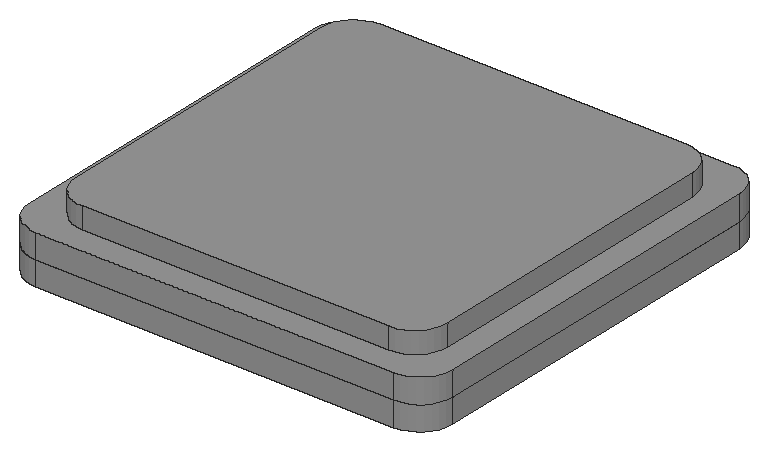
Revit family "FMS2_63_UN_Surface-mounted_ETK", category Lighting Fixtures, Revit 2019 (continued)
Definition of nested family "FMS.2 - Lightsource"
  Types (14, lengths in mm): name | Wattage Comments | Wattage | built-in parameter 1150134 | Photometric Web File | built-in parameter 1150142 | built-in parameter 1150105 | Lumens | built-in parameter 1150107 | built-in parameter 1150106 | Apparent Load
    FMS.1110.10N - Ø270 / 18W / 1120lm / 4000K | "18W" | 7.53996 W | 12 | "FMS.1110.10N.IES" | "IESNA:LM-63-2002\r\n[TEST] /2016\r\n[TESTLAB] ies2eulumdat.appspot.com\r\n[ISSUEDATE] 2021-10-05T13:44:41.109\r\n[MANUFAC] www.etk.nl\r\n[LUMCAT] FMS.1110.10N\r\n[LUMINAIRE] FMS.1 LED 18W 4000K 1120lm nood ø270 Ledeshi Slice circle III emergency\r\n[LAMPCAT] LED\r\n[LAMP] LED\r\nTILT=NONE\r\n1\t1381\t1\t181\t72\t1\t2\t-0.270\t-0.270\t0\r\n1.0\t1.0\t15.30\r\n0\t 0.5\t 1\t 1.5\t 2\t 2.5\t 3\t 3.5\t 4\t 4.5\r\n5\t 5.5\t 6\t 6.5\t 7\t 7.5\t 8\t 8.5\t 9\t 9.5\r\n10\t 10.5\t 11\t 11.5\t 12\t 12.5\t 13\t 13.5\t 14\t 14.5\r\n15\t 15.5\t 16\t 16.5\t 17\t 17.5\t 18\t 18.5\t 19\t 19.5\r\n20\t 20.5\t 21\t 21.5\t 22\t 22.5\t 23\t 23.5\t 24\t 24.5\r\n25\t 25.5\t 26\t 26.5\t 27\t 27.5\t 28\t 28.5\t 29\t 29.5\r\n30\t 30.5\t 31\t 31.5\t 32\t 32.5\t 33\t 33.5\t 34\t 34.5\r\n35\t 35.5\t 36\t 36.5\t 37\t 37.5\t 38\t 38.5\t 39\t 39.5\r\n40\t 40.5\t 41\t 41.5\t 42\t 42.5\t 43\t 43.5\t 44\t 44.5\r\n45\t 45.5\t 46\t 46.5\t 47\t 47.5\t 48\t 48.5\t 49\t 49.5\r\n50\t 50.5\t 51\t 51.5\t 52\t 52.5\t 53\t 53.5\t 54\t 54.5\r\n55\t 55.5\t 56\t 56.5\t 57\t 57.5\t 58\t 58.5\t 59\t 59.5\r\n60\t 60.5\t 61\t 61.5\t 62\t 62.5\t 63\t 63.5\t 64\t 64.5\r\n65\t 65.5\t 66\t 66.5\t 67\t 67.5\t 68\t 68.5\t 69\t 69.5\r\n70\t 70.5\t 71\t 71.5\t 72\t 72.5\t 73\t 73.5\t 74\t 74.5\r\n75\t 75.5\t 76\t 76.5\t 77\t 77.5\t 78\t 78.5\t 79\t 79.5\r\n80\t 80.5\t 81\t 81.5\t 82\t 82.5\t 83\t 83.5\t 84\t 84.5\r\n85\t 85.5\t 86\t 86.5\t 87\t 87.5\t 88\t 88.5\t 89\t 89.5\r\n90\r\n0\t 5\t 10\t 15\t 20\t 25\t 30\t 35\t 40\t 45\r\n50\t 55\t 60\t 65\t 70\t 75\t 80\t 85\t 90\t 95\r\n100\t 105\t 110\t 115\t 120\t 125\t 130\t 135\t 140\t 145\r\n150\t 155\t 160\t 165\t 170\t 175\t 180\t 185\t 190\t 195\r\n200\t 205\t 210\t 215\t 220\t 225\t 230\t 235\t 240\t 245\r\n250\t 255\t 260\t 265\t 270\t 275\t 280\t 285\t 290\t 295\r\n300\t 305\t 310\t 315\t 320\t 325\t 330\t 335\t 340\t 345\r\n350\t 355\r\n502.9602\t502.2697\t501.5792\t501.303\t500.8887\t500.3363\t499.6458\t499.2315\t498.6791\t497.8505\r\n497.16\t496.3314\t495.5028\t494.5361\t493.5694\t492.4646\t491.2217\t490.255\t489.2883\t488.0454\r\n486.8025\t485.4215\t484.0405\t482.6595\t481.2785\t479.7594\t478.2403\t476.5831\t475.064\t473.4068\r\n471.7496\t469.8162\t468.0209\t466.0875\t464.1541\t462.2207\t460.1492\t458.0777\t456.0062\t453.9347\r\n451.7251\t449.6536\t447.5821\t445.2344\t442.7486\t440.2628\t437.777\t435.4293\t433.0816\t430.4577\r\n427.8338\t425.348\t422.8622\t420.2383\t417.4763\t414.5762\t411.8142\t409.0522\t406.2902\t403.5282\r\n400.7662\t397.728\t394.5517\t391.6516\t388.7515\t385.7133\t382.8132\t379.6369\t376.4606\t373.4224\r\n370.2461\t367.2079\t364.1697\t360.7172\t357.4028\t354.0884\t350.774\t347.5977\t344.4214\t340.8308\r\n337.3783\t333.9258\t330.4733\t327.1589\t323.8445\t320.392\t316.9395\t313.2108\t309.6202\t306.1677\r\n302.7152\t298.9865\t295.2578\t291.6672\t288.0766\t284.486\t280.8954\t277.1667\t273.2999\t269.7093\r\n265.9806\t262.2519\t258.5232\t254.7945\t250.9277\t247.3371\t243.7465\t239.8797\t236.0129\t232.008\r\n228.0031\t224.4125\t220.8219\t216.9551\t213.2264\t209.0834\t205.0785\t201.2117\t197.3449\t193.4781\r\n189.6113\t185.4683\t181.4634\t177.7347\t173.8679\t170.0011\t165.9962\t161.9913\t157.8483\t153.9815\r\n150.2528\t146.5241\t142.7954\t138.7905\t134.7718\t130.6978\t126.6239\t122.9366\t119.2355\t115.3687\r\n111.5019\t107.8285\t104.1412\t100.4125\t96.6976\t92.9551\t89.2264\t85.4839\t81.7552\t78.3027\r\n74.864\t71.5496\t68.2352\t64.9761\t61.7031\t58.5544\t55.4057\t52.4228\t49.4398\t46.5397\r\n43.6534\t40.7395\t37.8256\t35.1741\t32.5226\t30.0229\t27.5371\t25.2861\t23.0351\t21.0741\r\n19.113\t16.061\t13.0118\t10.1559\t7.3013\t6.7545\t6.209\t5.8775\t5.5461\t5.3141\r\n5.0821\r\n502.9602\t502.2697\t501.4411\t501.0268\t500.6125\t499.922\t499.2315\t498.6791\t497.9886\t497.16\r\n496.3314\t495.5028\t494.5361\t493.5694\t492.6027\t491.3598\t490.1169\t489.0121\t487.9073\t486.6644\r\n485.4215\t483.9024\t482.5214\t481.0023\t479.4832\t477.9641\t476.3069\t474.6497\t472.9925\t471.3353\r\n469.6781\t467.7447\t465.6732\t463.7398\t461.8064\t459.873\t457.8015\t455.5919\t453.5204\t451.3108\r\n449.1012\t446.8916\t444.8201\t442.3343\t439.9866\t437.3627\t434.8769\t432.3911\t430.0434\t427.4195\r\n424.7956\t422.1717\t419.6859\t416.9239\t414.3\t411.3999\t408.4998\t405.7378\t402.8377\t400.0757\r\n397.3137\t394.2755\t391.0992\t388.061\t385.1609\t382.1227\t379.2226\t376.0463\t372.87\t369.6937\r\n366.6555\t363.4792\t360.3029\t356.9885\t353.6741\t350.3597\t347.0453\t343.7309\t340.4165\t337.1021\r\n333.6496\t330.1971\t326.7446\t323.2921\t319.8396\t316.5252\t313.0727\t309.4821\t305.8915\t302.3009\r\n298.8484\t295.2578\t291.5291\t287.9385\t284.3479\t280.7573\t277.1667\t273.438\t269.7093\t266.1187\r\n262.39\t258.6613\t254.9326\t251.2039\t247.4752\t243.7465\t240.0178\t236.2891\t232.5604\t228.6936\r\n224.8268\t220.96\t217.2313\t213.5026\t209.7739\t205.9071\t202.0403\t198.0354\t194.3067\t190.4399\r\n186.5731\t182.7063\t178.7014\t174.8346\t170.9678\t167.2391\t163.3723\t159.5055\t155.6387\t151.7719\r\n147.9051\t144.1764\t140.4477\t136.6776\t132.8798\t129.0821\t125.2429\t121.4037\t117.7441\t114.0982\r\n110.3833\t106.6684\t103.0778\t99.5425\t96.0485\t92.4027\t88.7983\t85.2353\t81.7276\t78.2751\r\n74.864\t71.522\t68.2352\t65.0451\t61.8964\t58.803\t55.7648\t52.9061\t50.1027\t47.1611\r\n44.2334\t41.2505\t38.1985\t34.9945\t31.3763\t27.8824\t24.7061\t21.7093\t19.0026\t16.572\r\n14.3348\t12.824\t11.5037\t10.3175\t9.319\t8.5871\t8.0858\t7.7612\t2.0356\t0\r\n0\r\n502.9602\t502.1316\t501.303\t500.8887\t500.3363\t499.6458\t498.8172\t498.1267\t497.4362\t496.6076\r\n495.6409\t494.8123\t493.8456\t492.7408\t491.636\t490.3931\t489.1502\t487.9073\t486.8025\t485.4215\r\n484.1786\t482.6595\t481.1404\t479.6213\t478.1022\t476.445\t474.7878\t473.1306\t471.3353\t469.6781\r\n467.8828\t465.9494\t464.016\t461.9445\t460.0111\t457.9396\t455.8681\t453.7966\t451.587\t449.3774\r\n447.1678\t444.9582\t442.7486\t440.4009\t437.9151\t435.4293\t432.9435\t430.3196\t427.8338\t425.348\r\n422.7241\t420.1002\t417.4763\t414.8524\t412.2285\t409.4665\t406.5664\t403.6663\t400.9043\t398.0042\r\n395.2422\t392.3421\t389.3039\t386.1276\t383.2275\t380.3274\t377.2892\t374.251\t371.0747\t367.8984\r\n364.7221\t361.6839\t358.5076\t355.3313\t352.0169\t348.7025\t345.3881\t342.2118\t338.8974\t335.583\r\n332.2686\t328.8161\t325.5017\t322.0492\t318.5967\t315.2823\t311.8298\t308.3773\t305.0629\t301.4723\r\n298.0198\t294.4292\t290.8386\t287.3861\t283.9336\t280.343\t276.7524\t273.2999\t269.7093\t266.1187\r\n262.5281\t258.7994\t255.2088\t251.6182\t247.8895\t244.2989\t240.5702\t236.9796\t233.2509\t229.6603\r\n225.9316\t222.2029\t218.6123\t214.8836\t211.1549\t207.2881\t203.4213\t199.4164\t195.4115\t191.4066\r\n187.5398\t183.673\t179.6681\t175.6632\t171.6583\t167.6534\t163.7866\t159.9198\t156.1911\t152.3243\r\n148.4575\t144.5907\t140.7239\t137.0366\t133.3494\t129.6897\t126.0439\t122.3428\t118.6555\t115.0235\r\n111.4467\t107.9666\t104.5831\t101.2135\t97.7334\t94.2809\t90.8698\t87.3344\t83.7715\t80.3742\r\n77.0322\t73.8145\t70.652\t67.5723\t64.5618\t61.6064\t58.6925\t55.8338\t52.9752\t50.0613\r\n47.175\t43.971\t40.7119\t37.577\t34.5664\t31.6939\t28.9596\t26.3771\t23.9742\t21.806\r\n19.8588\t18.0359\t16.3372\t14.7353\t13.2245\t10.0371\t3.3061\t0\t0\t0\r\n0\r\n502.9602\t502.1316\t501.1649\t500.6125\t500.0601\t499.2315\t498.4029\t497.7124\t496.8838\t496.0552\r\n495.0885\t494.1218\t493.017\t491.9122\t490.8074\t489.5645\t488.1835\t486.9406\t485.6977\t484.4548\r\n483.0738\t481.6928\t480.0356\t478.5165\t476.8593\t475.3402\t473.683\t471.8877\t470.0924\t468.4352\r\n466.6399\t464.8446\t462.7731\t460.7016\t458.7682\t456.6967\t454.6252\t452.5537\t450.3441\t448.1345\r\n445.9249\t443.7153\t441.3676\t439.158\t436.8103\t434.3245\t431.8387\t429.3529\t426.729\t424.2432\r\n421.7574\t419.1335\t416.5096\t413.8857\t411.2618\t408.4998\t405.7378\t402.9758\t400.0757\t397.3137\r\n394.5517\t391.6516\t388.8896\t385.8514\t382.8132\t379.775\t377.013\t373.9748\t370.9366\t367.8984\r\n364.7221\t361.6839\t358.6457\t355.4694\t352.2931\t349.1168\t345.9405\t342.7642\t339.5879\t336.2735\r\n333.0972\t329.7828\t326.4684\t323.154\t319.9777\t316.6633\t313.3489\t309.8964\t306.582\t303.2676\r\n299.9532\t296.6388\t293.1863\t289.3195\t285.4527\t281.8621\t278.1334\t274.4047\t270.5379\t266.8092\r\n263.0805\t259.3518\t255.485\t251.6182\t247.8895\t244.0227\t240.294\t236.4272\t232.6985\t228.8317\r\n225.103\t221.2362\t217.5075\t213.7788\t209.912\t206.0452\t202.1784\t198.5878\t194.8591\t191.2685\r\n187.5398\t183.8111\t179.9443\t176.2156\t172.625\t168.8963\t165.3057\t161.7151\t157.9864\t154.3958\r\n150.8052\t147.3527\t143.7621\t139.8953\t135.9871\t132.0512\t128.0877\t124.1657\t120.5475\t116.9431\r\n113.3525\t109.7757\t106.2265\t102.6912\t99.1972\t95.7862\t92.4441\t89.1574\t85.9534\t82.8186\r\n79.7389\t76.6731\t73.4968\t70.3896\t67.3928\t64.4651\t61.6202\t58.803\t56.0134\t53.2652\r\n50.5722\t47.8516\t45.1587\t42.4934\t39.7866\t37.1075\t34.5112\t31.984\t29.512\t27.109\r\n24.7751\t22.4965\t20.2869\t13.1457\t5.7187\t0\t0\t0\t0\t0\r\n0\r\n502.9602\t501.9935\t501.1649\t500.4744\t499.7839\t498.9553\t498.1267\t497.2981\t496.4695\t495.5028\r\n494.5361\t493.5694\t492.4646\t491.3598\t490.1169\t488.874\t487.493\t486.112\t484.8691\t483.6262\r\n482.2452\t480.7261\t479.207\t477.5498\t476.0307\t474.5116\t472.8544\t471.0591\t469.2638\t467.4685\r\n465.6732\t463.8779\t462.0826\t460.0111\t457.9396\t455.8681\t453.9347\t451.8632\t449.6536\t447.444\r\n445.2344\t443.0248\t440.8152\t438.6056\t436.2579\t433.9102\t431.5625\t429.2148\t426.5909\t424.1051\r\n421.6193\t419.1335\t416.5096\t414.0238\t411.3999\t408.776\t406.1521\t403.3901\t400.6281\t397.8661\r\n395.1041\t392.3421\t389.5801\t386.8181\t384.0561\t381.0179\t378.1178\t375.2177\t372.3176\t369.5556\r\n366.5174\t363.4792\t360.441\t357.4028\t354.3646\t351.4645\t348.2882\t344.8357\t341.2451\t337.7926\r\n334.202\t330.6114\t327.1589\t323.5683\t319.9777\t316.3871\t312.7965\t309.2059\t305.6153\t302.0247\r\n298.296\t294.7054\t291.1148\t287.5242\t283.9336\t280.343\t276.6143\t273.0237\t269.4331\t265.8425\r\n262.2519\t258.5232\t254.9326\t251.342\t247.8895\t244.1608\t240.5702\t236.9796\t233.2509\t229.6603\r\n226.0697\t222.6172\t219.0266\t215.436\t211.8454\t208.3929\t204.9404\t201.4879\t197.8973\t194.1686\r\n190.0256\t185.8826\t181.8777\t178.149\t174.2822\t170.4154\t166.5486\t162.5437\t158.6769\t154.8101\r\n151.0814\t147.3527\t143.624\t139.8953\t136.2495\t132.5898\t128.944\t125.3396\t121.8594\t118.4207\r\n115.0235\t111.6262\t108.2704\t104.7765\t101.2825\t97.83\t94.4328\t91.0908\t87.804\t84.5586\r\n81.3961\t78.2889\t75.2507\t72.2539\t69.2986\t66.3985\t63.5398\t60.7226\t57.9468\t55.24\r\n52.5885\t49.9922\t47.4512\t44.9654\t42.5072\t40.0628\t37.6599\t35.2846\t32.8678\t30.4787\r\n25.3414\t17.1382\t8.953\t0.7955\t0\t0\t0\t0\t0\t0\r\n0\r\n502.9602\t501.9935\t501.0268\t500.1982\t499.5077\t498.6791\t497.7124\t496.8838\t496.0552\t495.0885\r\n494.1218\t493.017\t491.9122\t490.8074\t489.5645\t488.3216\t486.9406\t485.5596\t484.1786\t482.9357\r\n481.5547\t480.1737\t478.6546\t476.9974\t475.4783\t473.8211\t472.1639\t470.5067\t468.7114\t466.9161\r\n465.1208\t463.3255\t461.5302\t459.7349\t457.6634\t455.5919\t453.6585\t451.587\t449.6536\t447.444\r\n445.3725\t443.1629\t440.8152\t438.7437\t436.5341\t434.1864\t431.9768\t429.6291\t427.2814\t424.9337\r\n422.4479\t419.9621\t417.4763\t414.9905\t412.5047\t410.157\t407.5331\t404.9092\t402.2853\t399.6614\r\n397.0375\t394.2755\t391.6516\t388.8896\t386.2657\t383.3656\t380.0512\t376.7368\t373.4224\t369.9699\r\n366.6555\t363.3411\t360.0267\t356.5742\t353.1217\t349.6692\t346.3548\t342.9023\t339.5879\t336.1354\r\n332.5448\t329.0923\t325.6398\t322.3254\t318.8729\t315.4204\t311.9679\t308.5154\t305.0629\t301.6104\r\n298.1579\t294.7054\t291.2529\t287.8004\t284.3479\t280.8954\t277.4429\t273.9904\t270.5379\t267.0854\r\n263.6329\t260.1804\t256.866\t253.4135\t249.961\t246.5085\t243.056\t239.7416\t236.151\t232.1461\r\n228.2793\t224.2744\t220.2695\t216.4027\t212.3978\t208.531\t204.6642\t200.7974\t197.0687\t193.2019\r\n189.3351\t185.4683\t181.7396\t178.149\t174.4203\t170.6916\t166.9629\t163.2342\t159.5055\t155.9149\r\n152.3243\t148.8718\t145.2812\t141.8287\t138.3762\t134.6199\t130.905\t127.2453\t123.6133\t119.9951\r\n116.3907\t112.8277\t109.3062\t105.8537\t102.4426\t99.0729\t95.7447\t92.4303\t89.1712\t85.9396\r\n82.7633\t79.6423\t76.5626\t73.5383\t70.5967\t67.7242\t64.8794\t62.0621\t59.2863\t56.5243\r\n53.79\t51.0832\t48.404\t45.7663\t43.1562\t40.56\t38.0051\t35.4641\t27.8824\t19.8588\r\n11.8435\t3.8226\t0\t0\t0\t0\t0\t0\t0\t0\r\n0\r\n502.9602\t501.9935\t500.8887\t500.0601\t499.3696\t498.4029\t497.5743\t496.6076\t495.6409\t494.6742\r\n493.7075\t492.6027\t491.4979\t490.255\t489.1502\t487.7692\t486.5263\t485.1453\t483.7643\t482.3833\r\n481.0023\t479.6213\t478.2403\t476.7212\t475.064\t473.5449\t471.8877\t470.2305\t468.7114\t466.9161\r\n465.1208\t463.3255\t461.3921\t459.5968\t457.8015\t456.0062\t453.9347\t451.8632\t449.9298\t447.9964\r\n445.9249\t443.8534\t441.6438\t439.4342\t437.3627\t435.1531\t433.0816\t430.872\t428.5243\t426.1766\r\n423.967\t421.7574\t419.4097\t416.9239\t414.5762\t412.0904\t409.6046\t406.8426\t403.9425\t400.7662\r\n397.4518\t394.2755\t391.0992\t387.9229\t384.7466\t381.5703\t378.2559\t375.0796\t371.9033\t368.727\r\n365.4126\t362.2363\t358.7838\t355.4694\t352.2931\t349.1168\t345.8024\t342.3499\t339.0355\t335.7211\r\n332.5448\t329.2304\t325.916\t322.6016\t319.2872\t315.9728\t312.6584\t309.344\t306.0296\t302.7152\r\n299.4008\t296.2245\t292.9101\t289.7338\t286.4194\t283.105\t279.9287\t276.6143\t273.2999\t269.5712\r\n265.7044\t261.9757\t257.9708\t254.104\t250.2372\t246.3704\t242.5036\t238.7749\t234.9081\t231.1794\r\n227.3126\t223.5839\t219.7171\t215.9884\t212.2597\t208.531\t204.9404\t201.2117\t197.6211\t193.8924\r\n190.3018\t186.5731\t182.9825\t179.3919\t175.8013\t172.2107\t168.7582\t165.1676\t161.4389\t157.5721\r\n153.7053\t149.9766\t146.2479\t142.6573\t139.0667\t135.4485\t131.8303\t128.2535\t124.7043\t121.1689\r\n117.6612\t114.1949\t110.7424\t107.3866\t104.0722\t100.7854\t97.54\t94.2532\t90.9527\t87.6797\r\n84.462\t81.2719\t78.1232\t75.0159\t71.9501\t68.9119\t65.9151\t62.9598\t60.0459\t57.1596\r\n54.3009\t51.4561\t48.6526\t45.8492\t43.0872\t38.9718\t31.0587\t23.1318\t15.2186\t7.3069\r\n0\t0\t0\t0\t0\t0\t0\t0\t0\t0\r\n0\r\n502.9602\t501.8554\t500.8887\t499.922\t499.0934\t498.2648\t497.2981\t496.3314\t495.3647\t494.398\r\n493.2932\t492.1884\t491.0836\t489.9788\t488.7359\t487.493\t486.2501\t484.8691\t483.4881\t482.1071\r\n480.7261\t479.3451\t477.9641\t476.5831\t475.064\t473.5449\t471.8877\t470.2305\t468.5733\t467.0542\r\n465.397\t463.6017\t461.8064\t460.0111\t458.2158\t456.4205\t454.6252\t452.8299\t450.7584\t448.6869\r\n446.7535\t444.9582\t443.0248\t440.9533\t438.8818\t436.6722\t434.6007\t432.3911\t430.4577\t428.3862\r\n426.1766\t423.1384\t420.2383\t417.3382\t414.4381\t411.3999\t408.3617\t405.3235\t402.2853\t399.109\r\n396.0708\t393.1707\t390.2706\t387.0943\t383.918\t380.7417\t377.5654\t374.5272\t371.3509\t368.1746\r\n365.1364\t361.9601\t358.9219\t355.7456\t352.7074\t349.5311\t346.3548\t343.1785\t339.8641\t336.8259\r\n333.6496\t330.4733\t327.297\t323.9826\t320.9444\t317.7681\t314.7299\t311.5536\t308.3773\t305.201\r\n302.0247\t298.4341\t294.7054\t290.9767\t287.1099\t283.3812\t279.6525\t275.7857\t272.057\t268.4664\r\n264.7377\t261.009\t257.2803\t253.5516\t249.8229\t246.0942\t242.3655\t238.7749\t235.0462\t231.4556\r\n227.865\t224.1363\t220.5457\t216.9551\t213.3645\t209.7739\t206.1833\t202.7308\t199.1402\t195.5496\r\n192.0971\t188.3684\t184.5016\t180.6348\t176.768\t173.0393\t169.1725\t165.4438\t161.7151\t158.1245\r\n154.3958\t150.8052\t147.0765\t143.4859\t139.8953\t136.3047\t132.7417\t129.2064\t125.6986\t122.2185\r\n118.766\t115.3273\t111.9162\t108.5328\t105.1632\t101.8211\t98.5067\t95.2061\t91.947\t88.7154\r\n85.4977\t82.3076\t79.1451\t75.9826\t72.8616\t69.7405\t66.6333\t63.5536\t60.4878\t57.4358\r\n54.3976\t51.387\t48.3902\t43.0596\t35.1465\t27.2471\t19.3478\t11.4471\t3.5519\t0\r\n0\t0\t0\t0\t0\t0\t0\t0\t0\t0\r\n0\r\n502.9602\t501.8554\t500.7506\t499.7839\t498.9553\t498.1267\t497.16\t496.0552\t495.0885\t494.1218\r\n493.017\t492.0503\t490.8074\t489.7026\t488.4597\t487.2168\t485.9739\t484.731\t483.35\t482.1071\r\n480.7261\t479.3451\t477.9641\t476.445\t475.064\t473.683\t472.1639\t470.5067\t468.9876\t467.3304\r\n465.8113\t464.1541\t462.635\t460.8397\t459.0444\t457.2491\t455.4538\t453.7966\t452.0013\t450.206\r\n448.4107\t446.3392\t444.4058\t442.6105\t440.8152\t439.0199\t436.2579\t433.3578\t430.4577\t427.5576\r\n424.7956\t421.8955\t419.1335\t416.2334\t413.3333\t410.2951\t407.395\t404.4949\t401.7329\t398.8328\r\n395.7946\t392.7564\t389.7182\t386.68\t383.6418\t380.7417\t377.8416\t374.9415\t371.9033\t368.8651\r\n365.6888\t362.7887\t359.7505\t356.7123\t353.6741\t350.6359\t347.5977\t344.6976\t341.6594\t338.7593\r\n335.7211\t332.6829\t329.7828\t326.6065\t323.4302\t319.7015\t315.9728\t312.3822\t308.6535\t304.7867\r\n301.058\t297.4674\t293.7387\t290.1481\t286.5575\t282.8288\t279.2382\t275.6476\t271.9189\t268.3283\r\n264.5996\t261.009\t257.4184\t253.8278\t250.2372\t246.6466\t243.1941\t239.6035\t236.0129\t232.5604\r\n229.1079\t225.5173\t222.0648\t218.4742\t215.0217\t211.4311\t207.5643\t203.6975\t199.9688\t196.102\r\n192.3733\t188.5065\t184.7778\t181.0491\t177.1823\t173.4536\t169.863\t166.1343\t162.4056\t158.815\r\n155.2244\t151.6338\t147.9051\t144.4526\t140.862\t137.3128\t133.7637\t130.2421\t126.7344\t123.2404\r\n119.7465\t116.3078\t112.8829\t109.4719\t106.0884\t102.7188\t99.3629\t96.0209\t92.6927\t89.3783\r\n86.0777\t82.791\t79.5318\t76.2726\t73.0411\t69.8234\t66.6194\t63.4293\t60.253\t57.0905\r\n53.9419\t48.1831\t40.2285\t32.274\t24.3332\t16.4063\t8.4669\t0.5338\t0\t0\r\n0\t0\t0\t0\t0\t0\t0\t0\t0\t0\r\n0\r\n502.9602\t501.8554\t500.7506\t499.6458\t498.8172\t497.8505\t497.0219\t495.9171\t494.8123\t493.8456\r\n492.7408\t491.7741\t490.6693\t489.5645\t488.4597\t487.2168\t485.9739\t484.731\t483.35\t482.1071\r\n480.7261\t479.3451\t478.1022\t476.7212\t475.3402\t473.8211\t472.4401\t471.0591\t469.54\t468.0209\r\n466.5018\t464.8446\t463.3255\t461.8064\t460.2873\t458.6
